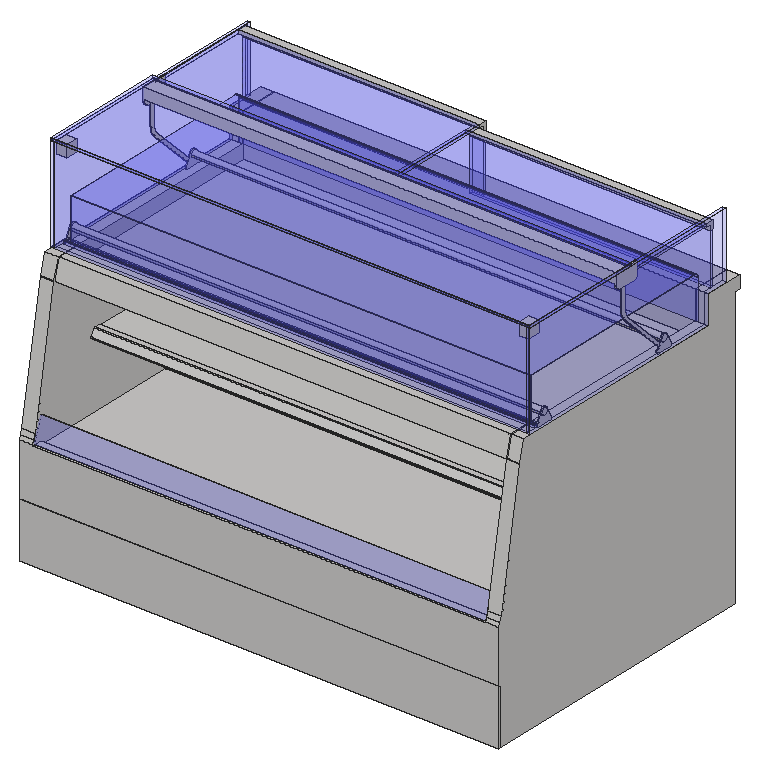
Revit family "Food-Service-Equipment_Oscartek_Gem_Combi-1500Rt_cat", category Specialty Equipment, Revit 2026 (continued)
Automatic sketch dimensions
  Split face 26 sketch curve to Extrusion 2 = 4.28595"
  Split face 26 sketch curve to Split face 26 sketch curve = 0"
  Split face 26 sketch curve to Split face 26 sketch curve = 0.05555"
  Split face 26 sketch curve to Split face 26 sketch curve = 0.09841"  (x2)
  Split face 26 sketch curve to Split face 26 sketch curve = 0.06735"  (x2)
  Split face 26 sketch curve to Split face 26 sketch curve = 0.33675"  (x2)
  Split face 26 sketch curve to Split face 26 sketch curve = 0.01365"
  Split face 26 sketch curve to Extrusion 2 = 5.94618"
  Split face 26 sketch curve to Split face 26 sketch curve = 0.05071"
  Split face 26 sketch curve to Split face 26 sketch curve = 0.4014"
  Split face 26 sketch curve to Split face 26 sketch curve = 0.8706"
  Split face 26 sketch curve to Split face 26 sketch curve = 0.38203"
  Split face 26 sketch curve to Split face 26 sketch curve = 0.01937"
  Split face 27 sketch curve to Extrusion 2 = 3.28595"
  Split face 27 sketch curve to Split face 27 sketch curve = 0"
  Split face 27 sketch curve to Split face 27 sketch curve = 0.05555"
  Split face 27 sketch curve to Split face 27 sketch curve = 0.09841"  (x2)
  Split face 27 sketch curve to Split face 27 sketch curve = 0.06735"  (x2)
  Split face 27 sketch curve to Split face 27 sketch curve = 0.33675"  (x2)
  Split face 27 sketch curve to Split face 27 sketch curve = 0.01365"
  Split face 27 sketch curve to Extrusion 2 = 5.94618"
  Split face 27 sketch curve to Split face 27 sketch curve = 0.05071"
  Split face 27 sketch curve to Split face 27 sketch curve = 0.4014"
  Split face 27 sketch curve to Split face 27 sketch curve = 0.8706"
  Split face 27 sketch curve to Split face 27 sketch curve = 0.38203"
  Split face 27 sketch curve to Split face 27 sketch curve = 0.01937"
  Split face 28 sketch curve to Extrusion 2 = 2.28595"
  Split face 28 sketch curve to Split face 28 sketch curve = 0"
  Split face 28 sketch curve to Split face 28 sketch curve = 0.05555"
  Split face 28 sketch curve to Split face 28 sketch curve = 0.09841"  (x2)
  Split face 28 sketch curve to Split face 28 sketch curve = 0.06735"  (x2)
  Split face 28 sketch curve to Split face 28 sketch curve = 0.33675"  (x2)
  Split face 28 sketch curve to Split face 28 sketch curve = 0.01365"
  Split face 28 sketch curve to Extrusion 2 = 5.94618"
  Split face 28 sketch curve to Split face 28 sketch curve = 0.05071"
  Split face 28 sketch curve to Split face 28 sketch curve = 0.4014"
  Split face 28 sketch curve to Split face 28 sketch curve = 0.8706"
  Split face 28 sketch curve to Split face 28 sketch curve = 0.38203"
  Split face 28 sketch curve to Split face 28 sketch curve = 0.01937"
  Split face 29 sketch curve to Extrusion 2 = 1.28595"
  Split face 29 sketch curve to Split face 29 sketch curve = 0"
  Split face 29 sketch curve to Split face 29 sketch curve = 0.05555"
  Split face 29 sketch curve to Split face 29 sketch curve = 0.09841"  (x2)
  Split face 29 sketch curve to Split face 29 sketch curve = 0.06735"  (x2)
  Split face 29 sketch curve to Split face 29 sketch curve = 0.33675"  (x2)
  Split face 29 sketch curve to Split face 29 sketch curve = 0.01365"
  Split face 29 sketch curve to Extrusion 2 = 5.94618"
  Split face 29 sketch curve to Split face 29 sketch curve = 0.05071"
  Split face 29 sketch curve to Split face 29 sketch curve = 0.4014"
  Split face 29 sketch curve to Split face 29 sketch curve = 0.8706"
  Split face 29 sketch curve to Split face 29 sketch curve = 0.38203"
  Split face 29 sketch curve to Split face 29 sketch curve = 0.01937"
  Split face 30 sketch curve to Extrusion 2 = 0.28595"  (x2)
  Split face 30 sketch curve to Extrusion 2 = 0.3415"
  Split face 30 sketch curve to Split face 30 sketch curve = 0.09841"  (x2)
  Split face 30 sketch curve to Split face 30 sketch curve = 0.06735"  (x2)
  Split face 30 sketch curve to Split face 30 sketch curve = 0.33675"  (x2)
  Split face 30 sketch curve to Split face 30 sketch curve = 0.01365"
  Split face 30 sketch curve to Extrusion 2 = 5.94618"
  Split face 30 sketch curve to Split face 30 sketch curve = 0.05071"
  Split face 30 sketch curve to Split face 30 sketch curve = 0.4014"
  Split face 30 sketch curve to Split face 30 sketch curve = 0.8706"
  Split face 30 sketch curve to Split face 30 sketch curve = 0.38203"
  Split face 30 sketch curve to Split face 30 sketch curve = 0.01937"
  Extrusion 2 to Split face 31 sketch curve = 0"
  Split face 31 sketch curve to Extrusion 2 = 0"
  Extrusion 2 to Split face 31 sketch curve = 7.6333"
  Extrusion 30 sketch curve to plane 16 = 0.3997"
  Extrusion 30 sketch curve to plane 5 "FRONT" = 6.65648"
  Extrusion 30 sketch curve to Extrusion 30 sketch curve = 1 1/2"  (x2)
  Extrusion 31 sketch curve to plane 16 = 1.8997"
  Extrusion 31 sketch curve to plane 5 "FRONT" = 5.15648"
  Extrusion 31 sketch curve to Extrusion 31 sketch curve = 1 1/2"
  Extrusion 31 sketch curve to plane 16 = 0.3997"
  Extrusion 32 sketch curve to plane 16 = 0.3997"
  plane 8 "Center X" to Extrusion 32 sketch curve = 0.04489"
  Extrusion 32 sketch curve to Extrusion 32 sketch curve = 1.57094"
  Extrusion 32 sketch curve to Extrusion 32 sketch curve = 1.58275"
  Extrusion 32 sketch curve to Extrusion 32 sketch curve = 0.47244"
  Extrusion 32 sketch curve to Extrusion 32 sketch curve = 2.0846"
  Extrusion 33 sketch curve to plane 3 "LEFT" = 0"
  plane 4 "RIGHT" to Extrusion 33 sketch curve = 0"
  Extrusion 33 sketch curve to plane 12 = 0"
  level to Extrusion 33 sketch curve = 1/2"
  Split face 32 sketch curve to Extrusion 2 = 1.99513"
  Extrusion 2 to Split face 32 sketch curve = 10.84734"
  Split face 32 sketch curve to Split face 32 sketch curve = 0"
  Split face 32 sketch curve to Split face 32 sketch curve = 0.05555"
  Split face 32 sketch curve to Split face 32 sketch curve = 0.09841"  (x2)
  Split face 32 sketch curve to Extrusion 2 = 1.49689"
  Split face 32 sketch curve to Split face 32 sketch curve = 0.06735"  (x2)
  Split face 32 sketch curve to Extrusion 2 = 3.36397"
  Split face 32 sketch curve to Extrusion 2 = 1.89829"
  Split face 32 sketch curve to Split face 32 sketch curve = 0.33675"
  Split face 32 sketch curve to Extrusion 2 = 2.96257"
  Split face 32 sketch curve to Split face 32 sketch curve = 0.01365"
  Split face 32 sketch curve to Split face 32 sketch curve = 0.05071"
  Split face 32 sketch curve to Split face 32 sketch curve = 0.01937"
  Split face 33 sketch curve to Extrusion 2 = 1.99513"
  Extrusion 2 to Split face 33 sketch curve = 11.84734"
  Split face 33 sketch curve to Split face 33 sketch curve = 0"
  Split face 33 sketch curve to Split face 33 sketch curve = 0.05555"
  Split face 33 sketch curve to Split face 33 sketch curve = 0.09841"  (x2)
  Split face 33 sketch curve to Extrusion 2 = 1.49689"
  Split face 33 sketch curve to Split face 33 sketch curve = 0.06735"  (x2)
  Split face 33 sketch curve to Extrusion 2 = 3.36397"
  Split face 33 sketch curve to Extrusion 2 = 1.89829"
  Split face 33 sketch curve to Split face 33 sketch curve = 0.33675"
  Split face 33 sketch curve to Extrusion 2 = 2.96257"
  Split face 33 sketch curve to Split face 33 sketch curve = 0.01365"
  Split face 33 sketch curve to Split face 33 sketch curve = 0.05071"
  Split face 33 sketch curve to Split face 33 sketch curve = 0.01937"
  Split face 34 sketch curve to Extrusion 2 = 1.99513"
  Extrusion 2 to Split face 34 sketch curve = 12.84734"
  Split face 34 sketch curve to Split face 34 sketch curve = 0"
  Split face 34 sketch curve to Split face 34 sketch curve = 0.05555"
  Split face 34 sketch curve to Split face 34 sketch curve = 0.09841"  (x2)
  Split face 34 sketch curve to Extrusion 2 = 1.49689"
  Split face 34 sketch curve to Split face 34 sketch curve = 0.06735"  (x2)
  Split face 34 sketch curve to Extrusion 2 = 3.36397"
  Split face 34 sketch curve to Extrusion 2 = 1.89829"
  Split face 34 sketch curve to Split face 34 sketch curve = 0.33675"
  Split face 34 sketch curve to Extrusion 2 = 2.96257"
  Split face 34 sketch curve to Split face 34 sketch curve = 0.01365"
  Split face 34 sketch curve to Split face 34 sketch curve = 0.05071"
  Split face 34 sketch curve to Split face 34 sketch curve = 0.01937"
  Split face 35 sketch curve to Extrusion 2 = 1.99513"
  Extrusion 2 to Split face 35 sketch curve = 13.84734"
  Split face 35 sketch curve to Split face 35 sketch curve = 0"
  Split face 35 sketch curve to Split face 35 sketch curve = 0.05555"
  Split face 35 sketch curve to Split face 35 sketch curve = 0.09841"  (x2)
  Split face 35 sketch curve to Extrusion 2 = 1.49689"
  Split face 35 sketch curve to Split face 35 sketch curve = 0.06735"  (x2)
  Split face 35 sketch curve to Extrusion 2 = 3.36397"
  Split face 35 sketch curve to Extrusion 2 = 1.89829"
  Split face 35 sketch curve to Split face 35 sketch curve = 0.33675"
  Split face 35 sketch curve to Extrusion 2 = 2.96257"
  Split face 35 sketch curve to Split face 35 sketch curve = 0.01365"
  Split face 35 sketch curve to Split face 35 sketch curve = 0.05071"
  Split face 35 sketch curve to Split face 35 sketch curve = 0.01937"
  Split face 36 sketch curve to Extrusion 2 = 1.99513"
  Split face 36 sketch curve to Extrusion 2 = 14.28595"
  Split face 36 sketch curve to Split face 36 sketch curve = 0"
  Split face 36 sketch curve to Split face 36 sketch curve = 0.05555"
  Split face 36 sketch curve to Split face 36 sketch curve = 0.09841"  (x2)
  Split face 36 sketch curve to Extrusion 2 = 1.49689"
  Split face 36 sketch curve to Split face 36 sketch curve = 0.06735"  (x2)
  Split face 36 sketch curve to Extrusion 2 = 3.36397"
  Split face 36 sketch curve to Extrusion 2 = 1.89829"
  Split face 36 sketch curve to Split face 36 sketch curve = 0.33675"
  Split face 36 sketch curve to Extrusion 2 = 2.96257"
  Split face 36 sketch curve to Split face 36 sketch curve = 0.01365"
  Split face 36 sketch curve to Split face 36 sketch curve = 0.05071"
  Split face 36 sketch curve to Split face 36 sketch curve = 0.01937"
  Split face 37 sketch curve to Extrusion 2 = 1.99513"
  Split face 37 sketch curve to Extrusion 2 = 13.28595"
  Split face 37 sketch curve to Split face 37 sketch curve = 0"
  Split face 37 sketch curve to Split face 37 sketch curve = 0.05555"
  Split face 37 sketch curve to Split face 37 sketch curve = 0.09841"  (x2)
  Split face 37 sketch curve to Extrusion 2 = 1.49689"
  Split face 37 sketch curve to Split face 37 sketch curve = 0.06735"  (x2)
  Split face 37 sketch curve to Extrusion 2 = 3.36397"
  Split face 37 sketch curve to Extrusion 2 = 1.89829"
  Split face 37 sketch curve to Split face 37 sketch curve = 0.33675"
  Split face 37 sketch curve to Extrusion 2 = 2.96257"
  Split face 37 sketch curve to Split face 37 sketch curve = 0.01365"
  Split face 37 sketch curve to Split face 37 sketch curve = 0.05071"
  Split face 37 sketch curve to Split face 37 sketch curve = 0.01937"
  Split face 38 sketch curve to Extrusion 2 = 1.99513"
  Split face 38 sketch curve to Extrusion 2 = 12.28595"
  Split face 38 sketch curve to Split face 38 sketch curve = 0"
  Split face 38 sketch curve to Split face 38 sketch curve = 0.05555"
  Split face 38 sketch curve to Split face 38 sketch curve = 0.09841"  (x2)
  Split face 38 sketch curve to Extrusion 2 = 1.49689"
  Split face 38 sketch curve to Split face 38 sketch curve = 0.06735"  (x2)
  Split face 38 sketch curve to Extrusion 2 = 3.36397"
  Split face 38 sketch curve to Extrusion 2 = 1.89829"
  Split face 38 sketch curve to Split face 38 sketch curve = 0.33675"
  Split face 38 sketch curve to Extrusion 2 = 2.96257"
  Split face 38 sketch curve to Split face 38 sketch curve = 0.01365"
  Split face 38 sketch curve to Split face 38 sketch curve = 0.05071"
  Split face 38 sketch curve to Split face 38 sketch curve = 0.01937"
  Split face 39 sketch curve to Extrusion 2 = 1.99513"
  Split face 39 sketch curve to Extrusion 2 = 11.28595"
  Split face 39 sketch curve to Split face 39 sketch curve = 0"
  Split face 39 sketch curve to Split face 39 sketch curve = 0.05555"
  Split face 39 sketch curve to Split face 39 sketch curve = 0.09841"  (x2)
  Split face 39 sketch curve to Extrusion 2 = 1.49689"
  Split face 39 sketch curve to Split face 39 sketch curve = 0.06735"  (x2)
  Split face 39 sketch curve to Extrusion 2 = 3.36397"
  Split face 39 sketch curve to Extrusion 2 = 1.89829"
  Split face 39 sketch curve to Split face 39 sketch curve = 0.33675"
  Split face 39 sketch curve to Extrusion 2 = 2.96257"
  Split face 39 sketch curve to Split face 39 sketch curve = 0.01365"
  Split face 39 sketch curve to Split face 39 sketch curve = 0.05071"
  Split face 39 sketch curve to Split face 39 sketch curve = 0.01937"
  Split face 40 sketch curve to Extrusion 2 = 1.99513"
  Split face 40 sketch curve to Extrusion 2 = 10.28595"
  Split face 40 sketch curve to Split face 40 sketch curve = 0"
  Split face 40 sketch curve to Split face 40 sketch curve = 0.05555"
  Split face 40 sketch curve to Split face 40 sketch curve = 0.09841"  (x2)
  Split face 40 sketch curve to Extrusion 2 = 1.49689"
  Split face 40 sketch curve to Split face 40 sketch curve = 0.06735"  (x2)
  Split face 40 sketch curve to Extrusion 2 = 3.36397"
  Split face 40 sketch curve to Extrusion 2 = 1.89829"
  Split face 40 sketch curve to Split face 40 sketch curve = 0.33675"
  Split face 40 sketch curve to Extrusion 2 = 2.96257"
  Split face 40 sketch curve to Split face 40 sketch curve = 0.01365"
  Split face 40 sketch curve to Split face 40 sketch curve = 0.05071"
  Split face 40 sketch curve to Split face 40 sketch curve = 0.01937"
  Split face 41 sketch curve to Extrusion 2 = 4.24513"
  Extrusion 2 to Split face 41 sketch curve = 10.84734"
  Split face 41 sketch curve to Split face 41 sketch curve = 0"
  Split face 41 sketch curve to Split face 41 sketch curve = 0.05555"
  Split face 41 sketch curve to Split face 41 sketch curve = 0.09841"  (x2)
  Split face 41 sketch curve to Extrusion 2 = 3.74689"
  Split face 41 sketch curve to Split face 41 sketch curve = 0.06735"  (x2)
  Split face 41 sketch curve to Extrusion 2 = 5.61397"
  Split face 41 sketch curve to Extrusion 2 = 4.14829"
  Split face 41 sketch curve to Split face 41 sketch curve = 0.33675"
  Split face 41 sketch curve to Extrusion 2 = 5.21257"
  Split face 41 sketch curve to Split face 41 sketch curve = 0.01365"
  Split face 41 sketch curve to Split face 41 sketch curve = 0.05071"
  Split face 41 sketch curve to Split face 41 sketch curve = 0.01937"
  Split face 42 sketch curve to Extrusion 2 = 4.24513"
  Extrusion 2 to Split face 42 sketch curve = 11.84734"
  Split face 42 sketch curve to Split face 42 sketch curve = 0"
  Split face 42 sketch curve to Split face 42 sketch curve = 0.05555"
  Split face 42 sketch curve to Split face 42 sketch curve = 0.09841"  (x2)
  Split face 42 sketch curve to Extrusion 2 = 3.74689"
  Split face 42 sketch curve to Split face 42 sketch curve = 0.06735"  (x2)
  Split face 42 sketch curve to Extrusion 2 = 5.61397"
  Split face 42 sketch curve to Extrusion 2 = 4.14829"
  Split face 42 sketch curve to Split face 42 sketch curve = 0.33675"
  Split face 42 sketch curve to Extrusion 2 = 5.21257"
  Split face 42 sketch curve to Split face 42 sketch curve = 0.01365"
  Split face 42 sketch curve to Split face 42 sketch curve = 0.05071"
  Split face 42 sketch curve to Split face 42 sketch curve = 0.01937"
  Split face 43 sketch curve to Extrusion 2 = 4.24513"
  Extrusion 2 to Split face 43 sketch curve = 12.84734"
  Split face 43 sketch curve to Split face 43 sketch curve = 0"
  Split face 43 sketch curve to Split face 43 sketch curve = 0.05555"
  Split face 43 sketch curve to Split face 43 sketch curve = 0.09841"  (x2)
  Split face 43 sketch curve to Extrusion 2 = 3.74689"
  Split face 43 sketch curve to Split face 43 sketch curve = 0.06735"  (x2)
  Split face 43 sketch curve to Extrusion 2 = 5.61397"
  Split face 43 sketch curve to Extrusion 2 = 4.14829"
  Split face 43 sketch curve to Split face 43 sketch curve = 0.33675"
  Split face 43 sketch curve to Extrusion 2 = 5.21257"
  Split face 43 sketch curve to Split face 43 sketch curve = 0.01365"
  Split face 43 sketch curve to Split face 43 sketch curve = 0.05071"
  Split face 43 sketch curve to Split face 43 sketch curve = 0.01937"
  Split face 44 sketch curve to Extrusion 2 = 4.24513"
  Extrusion 2 to Split face 44 sketch curve = 13.84734"
  Split face 44 sketch curve to Split face 44 sketch curve = 0"
  Split face 44 sketch curve to Split face 44 sketch curve = 0.05555"
  Split face 44 sketch curve to Split face 44 sketch curve = 0.09841"  (x2)
  Split face 44 sketch curve to Extrusion 2 = 3.74689"
  Split face 44 sketch curve to Split face 44 sketch curve = 0.06735"  (x2)
  Split face 44 sketch curve to Extrusion 2 = 5.61397"
  Split face 44 sketch curve to Extrusion 2 = 4.14829"
  Split face 44 sketch curve to Split face 44 sketch curve = 0.33675"
  Split face 44 sketch curve to Extrusion 2 = 5.21257"
  Split face 44 sketch curve to Split face 44 sketch curve = 0.01365"
  Split face 44 sketch curve to Split face 44 sketch curve = 0.05071"
  Split face 44 sketch curve to Split face 44 sketch curve = 0.01937"
  Split face 45 sketch curve to Extrusion 2 = 4.24513"
  Split face 45 sketch curve to Extrusion 2 = 14.28595"
  Split face 45 sketch curve to Split face 45 sketch curve = 0"
  Split face 45 sketch curve to Split face 45 sketch curve = 0.05555"
  Split face 45 sketch curve to Split face 45 sketch curve = 0.09841"  (x2)
  Split face 45 sketch curve to Extrusion 2 = 3.74689"
  Split face 45 sketch curve to Split face 45 sketch curve = 0.06735"  (x2)
  Split face 45 sketch curve to Extrusion 2 = 5.61397"
  Split face 45 sketch curve to Extrusion 2 = 4.14829"
  Split face 45 sketch curve to Split face 45 sketch curve = 0.33675"
  Split face 45 sketch curve to Extrusion 2 = 5.21257"
  Split face 45 sketch curve to Split face 45 sketch curve = 0.01365"
  Split face 45 sketch curve to Split face 45 sketch curve = 0.05071"
  Split face 45 sketch curve to Split face 45 sketch curve = 0.01937"
  Split face 46 sketch curve to Extrusion 2 = 4.24513"
  Split face 46 sketch curve to Extrusion 2 = 13.28595"
  Split face 46 sketch curve to Split face 46 sketch curve = 0"
  Split face 46 sketch curve to Split face 46 sketch curve = 0.05555"
  Split face 46 sketch curve to Split face 46 sketch curve = 0.09841"  (x2)
  Split face 46 sketch curve to Extrusion 2 = 3.74689"
  Split face 46 sketch curve to Split face 46 sketch curve = 0.06735"  (x2)
  Split face 46 sketch curve to Extrusion 2 = 5.61397"
  Split face 46 sketch curve to Extrusion 2 = 4.14829"
  Split face 46 sketch curve to Split face 46 sketch curve = 0.33675"
  Split face 46 sketch curve to Extrusion 2 = 5.21257"
  Split face 46 sketch curve to Split face 46 sketch curve = 0.01365"
  Split face 46 sketch curve to Split face 46 sketch curve = 0.05071"
  Split face 46 sketch curve to Split face 46 sketch curve = 0.01937"
  Split face 47 sketch curve to Extrusion 2 = 4.24513"
  Split face 47 sketch curve to Extrusion 2 = 12.28595"
  Split face 47 sketch curve to Split face 47 sketch curve = 0"
  Split face 47 sketch curve to Split face 47 sketch curve = 0.05555"
  Split face 47 sketch curve to Split face 47 sketch curve = 0.09841"  (x2)
  Split face 47 sketch curve to Extrusion 2 = 3.74689"
  Split face 47 sketch curve to Split face 47 sketch curve = 0.06735"  (x2)
  Split face 47 sketch curve to Extrusion 2 = 5.61397"
  Split face 47 sketch curve to Extrusion 2 = 4.14829"
  Split face 47 sketch curve to Split face 47 sketch curve = 0.33675"
  Split face 47 sketch curve to Extrusion 2 = 5.21257"
  Split face 47 sketch curve to Split face 47 sketch curve = 0.01365"
  Split face 47 sketch curve to Split face 47 sketch curve = 0.05071"
  Split face 47 sketch curve to Split face 47 sketch curve = 0.01937"
  Split face 48 sketch curve to Extrusion 2 = 4.24513"
  Split face 48 sketch curve to Extrusion 2 = 11.28595"
  Split face 48 sketch curve to Split face 48 sketch curve = 0"
  Split face 48 sketch curve to Split face 48 sketch curve = 0.05555"
  Split face 48 sketch curve to Split face 48 sketch curve = 0.09841"  (x2)
  Split face 48 sketch curve to Extrusion 2 = 3.74689"
  Split face 48 sketch curve to Split face 48 sketch curve = 0.06735"  (x2)
  Split face 48 sketch curve to Extrusion 2 = 5.61397"
  Split face 48 sketch curve to Extrusion 2 = 4.14829"
  Split face 48 sketch curve to Split face 48 sketch curve = 0.33675"
  Split face 48 sketch curve to Extrusion 2 = 5.21257"
  Split face 48 sketch curve to Split face 48 sketch curve = 0.01365"
  Split face 48 sketch curve to Split face 48 sketch curve = 0.05071"
  Split face 48 sketch curve to Split face 48 sketch curve = 0.01937"
  Split face 49 sketch curve to Extrusion 2 = 4.24513"
  Split face 49 sketch curve to Extrusion 2 = 10.28595"
  Split face 49 sketch curve to Split face 49 sketch curve = 0"
  Split face 49 sketch curve to Split face 49 sketch curve = 0.05555"
  Split face 49 sketch curve to Split face 49 sketch curve = 0.09841"  (x2)
  Split face 49 sketch curve to Extrusion 2 = 3.74689"
  Split face 49 sketch curve to Split face 49 sketch curve = 0.06735"  (x2)
  Split face 49 sketch curve to Extrusion 2 = 5.61397"
  Split face 49 sketch curve to Extrusion 2 = 4.14829"
  Split face 49 sketch curve to Split face 49 sketch curve = 0.33675"
  Split face 49 sketch curve to Extrusion 2 = 5.21257"
  Split face 49 sketch curve to Split face 49 sketch curve = 0.01365"
  Split face 49 sketch curve to Split face 49 sketch curve = 0.05071"
  Split face 49 sketch curve to Split face 49 sketch curve = 0.01937"
  Extrusion 2 to Split face 50 sketch curve = 10.84734"
  Split face 50 sketch curve to Split face 50 sketch curve = 0"
  Split face 50 sketch curve to Split face 50 sketch curve = 0.05555"
  Split face 50 sketch curve to Split face 50 sketch curve = 0.09841"  (x2)
  Split face 50 sketch curve to Split face 50 sketch curve = 0.06735"  (x2)
  Split face 50 sketch curve to Extrusion 2 = 7.86397"
  Split face 50 sketch curve to Extrusion 2 = 6.39829"
  Split face 50 sketch curve to Split face 50 sketch curve = 0.33675"  (x2)
  Split face 50 sketch curve to Extrusion 2 = 7.46257"
  Split face 50 sketch curve to Split face 50 sketch curve = 0.01365"
  Split face 50 sketch curve to Split face 50 sketch curve = 0.38203"
  Split face 50 sketch curve to Split face 50 sketch curve = 0.01937"  (x2)
  Extrusion 2 to Split face 51 sketch curve = 11.84734"
  Split face 51 sketch curve to Split face 51 sketch curve = 0"
  Split face 51 sketch curve to Split face 51 sketch curve = 0.05555"
  Split face 51 sketch curve to Split face 51 sketch curve = 0.09841"  (x2)
  Split face 51 sketch curve to Split face 51 sketch curve = 0.06735"  (x2)
  Split face 51 sketch curve to Extrusion 2 = 7.86397"
  Split face 51 sketch curve to Extrusion 2 = 6.39829"
  Split face 51 sketch curve to Split face 51 sketch curve = 0.33675"  (x2)
  Split face 51 sketch curve to Extrusion 2 = 7.46257"
  Split face 51 sketch curve to Split face 51 sketch curve = 0.01365"
  Split face 51 sketch curve to Split face 51 sketch curve = 0.38203"
  Split face 51 sketch curve to Split face 51 sketch curve = 0.01937"  (x2)
  Extrusion 2 to Split face 52 sketch curve = 12.84734"
  Split face 52 sketch curve to Split face 52 sketch curve = 0"
  Split face 52 sketch curve to Split face 52 sketch curve = 0.05555"
  Split face 52 sketch curve to Split face 52 sketch curve = 0.09841"  (x2)
  Split face 52 sketch curve to Extrusion 2 = 5.99689"
  Split face 52 sketch curve to Split face 52 sketch curve = 0.06735"  (x2)
  Split face 52 sketch curve to Extrusion 2 = 7.86397"
  Split face 52 sketch curve to Extrusion 2 = 6.39829"
  Split face 52 sketch curve to Split face 52 sketch curve = 0.33675"  (x2)
  Split face 52 sketch curve to Extrusion 2 = 7.46257"
  Split face 52 sketch curve to Split face 52 sketch curve = 0.01365"
  Split face 52 sketch curve to Split face 52 sketch curve = 0.05071"
  Split face 52 sketch curve to Split face 52 sketch curve = 0.01937"
  Split face 53 sketch curve to Extrusion 2 = 6.49513"
  Extrusion 2 to Split face 53 sketch curve = 13.84734"
  Split face 53 sketch curve to Split face 53 sketch curve = 0"
  Split face 53 sketch curve to Split face 53 sketch curve = 0.05555"
  Split face 53 sketch curve to Split face 53 sketch curve = 0.09841"  (x2)
  Split face 53 sketch curve to Extrusion 2 = 5.99689"
  Split face 53 sketch curve to Split face 53 sketch curve = 0.06735"  (x2)
  Split face 53 sketch curve to Extrusion 2 = 7.86397"
  Split face 53 sketch curve to Extrusion 2 = 6.39829"
  Split face 53 sketch curve to Split face 53 sketch curve = 0.33675"
  Split face 53 sketch curve to Extrusion 2 = 7.46257"
  Split face 53 sketch curve to Split face 53 sketch curve = 0.01365"
  Split face 53 sketch curve to Split face 53 sketch curve = 0.05071"
  Split face 53 sketch curve to Split face 53 sketch curve = 0.01937"
  Split face 54 sketch curve to Extrusion 2 = 6.49513"
  Split face 54 sketch curve to Extrusion 2 = 14.28595"
  Split face 54 sketch curve to Split face 54 sketch curve = 0"
  Split face 54 sketch curve to Split face 54 sketch curve = 0.05555"
  Split face 54 sketch curve to Split face 54 sketch curve = 0.09841"  (x2)
  Split face 54 sketch curve to Extrusion 2 = 5.99689"
  Split face 54 sketch curve to Split face 54 sketch curve = 0.06735"  (x2)
  Split face 54 sketch curve to Extrusion 2 = 7.86397"
  Split face 54 sketch curve to Extrusion 2 = 6.39829"
  Split face 54 sketch curve to Split face 54 sketch curve = 0.33675"
  Split face 54 sketch curve to Extrusion 2 = 7.46257"
  Split face 54 sketch curve to Split face 54 sketch curve = 0.01365"
  Split face 54 sketch curve to Split face 54 sketch curve = 0.05071"
  Split face 54 sketch curve to Split face 54 sketch curve = 0.01937"
  Split face 55 sketch curve to Extrusion 2 = 6.49513"
  Split face 55 sketch curve to Extrusion 2 = 13.28595"
  Split face 55 sketch curve to Split face 55 sketch curve = 0"
  Split face 55 sketch curve to Split face 55 sketch curve = 0.05555"
  Split face 55 sketch curve to Split face 55 sketch curve = 0.09841"  (x2)
  Split face 55 sketch curve to Extrusion 2 = 5.99689"
  Split face 55 sketch curve to Split face 55 sketch curve = 0.06735"  (x2)
  Split face 55 sketch curve to Extrusion 2 = 7.86397"
  Split face 55 sketch curve to Extrusion 2 = 6.39829"
  Split face 55 sketch curve to Split face 55 sketch curve = 0.33675"
  Split face 55 sketch curve to Extrusion 2 = 7.46257"
  Split face 55 sketch curve to Split face 55 sketch curve = 0.01365"
  Split face 55 sketch curve to Split face 55 sketch curve = 0.05071"
  Split face 55 sketch curve to Split face 55 sketch curve = 0.01937"
  Split face 56 sketch curve to Extrusion 2 = 12.28595"
  Split face 56 sketch curve to Split face 56 sketch curve = 0"
  Split face 56 sketch curve to Split face 56 sketch curve = 0.05555"
  Split face 56 sketch curve to Split face 56 sketch curve = 0.09841"  (x2)
  Split face 56 sketch curve to Extrusion 2 = 5.99689"
  Split face 56 sketch curve to Split face 56 sketch curve = 0.06735"  (x2)
  Split face 56 sketch curve to Extrusion 2 = 7.86397"
  Split face 56 sketch curve to Extrusion 2 = 6.39829"
  Split face 56 sketch curve to Split face 56 sketch curve = 0.33675"  (x2)
  Split face 56 sketch curve to Extrusion 2 = 7.46257"
  Split face 56 sketch curve to Split face 56 sketch curve = 0.01365"
  Split face 56 sketch curve to Split face 56 sketch curve = 0.05071"
  Split face 56 sketch curve to Split face 56 sketch curve = 0.01937"
  Split face 57 sketch curve to Extrusion 2 = 11.28595"
  Split face 57 sketch curve to Split face 57 sketch curve = 0"
  Split face 57 sketch curve to Split face 57 sketch curve = 0.05555"
  Split face 57 sketch curve to Split face 57 sketch curve = 0.09841"  (x2)
  Split face 57 sketch curve to Split face 57 sketch curve = 0.06735"  (x2)
  Split face 57 sketch curve to Extrusion 2 = 7.86397"
  Split face 57 sketch curve to Extrusion 2 = 6.39829"
  Split face 57 sketch curve to Split face 57 sketch curve = 0.33675"  (x2)
  Split face 57 sketch curve to Extrusion 2 = 7.46257"
  Split face 57 sketch curve to Split face 57 sketch curve = 0.01365"
  Split face 57 sketch curve to Split face 57 sketch curve = 0.38203"
  Split face 57 sketch curve to Split face 57 sketch curve = 0.01937"  (x2)
  Split face 58 sketch curve to Extrusion 2 = 10.28595"
  Split face 58 sketch curve to Split face 58 sketch curve = 0"
  Split face 58 sketch curve to Split face 58 sketch curve = 0.05555"
  Split face 58 sketch curve to Split face 58 sketch curve = 0.09841"  (x2)
  Split face 58 sketch curve to Split face 58 sketch curve = 0.06735"  (x2)
  Split face 58 sketch curve to Extrusion 2 = 7.86397"
  Split face 58 sketch curve to Extrusion 2 = 6.39829"
  Split face 58 sketch curve to Split face 58 sketch curve = 0.33675"  (x2)
  Split face 58 sketch curve to Extrusion 2 = 7.46257"
  Split face 58 sketch curve to Split face 58 sketch curve = 0.01365"
  Split face 58 sketch curve to Split face 58 sketch curve = 0.38203"
  Split face 58 sketch curve to Split face 58 sketch curve = 0.01937"  (x2)
  Split face 59 sketch curve to Extrusion 2 = 1.99513"
  Extrusion 2 to Split face 59 sketch curve = 9.84734"
  Split face 59 sketch curve to Split face 59 sketch curve = 0"
  Split face 59 sketch curve to Split face 59 sketch curve = 0.05555"
  Split face 59 sketch curve to Split face 59 sketch curve = 0.09841"  (x2)
  Split face 59 sketch curve to Extrusion 2 = 1.49689"
  Split face 59 sketch curve to Split face 59 sketch curve = 0.06735"  (x2)
  Split face 59 sketch curve to Extrusion 2 = 3.36397"
  Split face 59 sketch curve to Extrusion 2 = 1.89829"
  Split face 59 sketch curve to Split face 59 sketch curve = 0.33675"
  Split face 59 sketch curve to Extrusion 2 = 2.96257"
  Split face 59 sketch curve to Split face 59 sketch curve = 0.01365"
  Split face 59 sketch curve to Split face 59 sketch curve = 0.05071"
  Split face 59 sketch curve to Split face 59 sketch curve = 0.01937"
  Split face 60 sketch curve to Extrusion 2 = 4.24513"
  Extrusion 2 to Split face 60 sketch curve = 9.84734"
  Split face 60 sketch curve to Split face 60 sketch curve = 0"
  Split face 60 sketch curve to Split face 60 sketch curve = 0.05555"
  Split face 60 sketch curve to Split face 60 sketch curve = 0.09841"  (x2)
  Split face 60 sketch curve to Extrusion 2 = 3.74689"
  Split face 60 sketch curve to Split face 60 sketch curve = 0.06735"  (x2)
  Split face 60 sketch curve to Extrusion 2 = 5.61397"
  Split face 60 sketch curve to Extrusion 2 = 4.14829"
  Split face 60 sketch curve to Split face 60 sketch curve = 0.33675"
  Split face 60 sketch curve to Extrusion 2 = 5.21257"
  Split face 60 sketch curve to Split face 60 sketch curve = 0.01365"
  Split face 60 sketch curve to Split face 60 sketch curve = 0.05071"
  Split face 60 sketch curve to Split face 60 sketch curve = 0.01937"
  Extrusion 2 to Split face 61 sketch curve = 9.84734"
  Split face 61 sketch curve to Split face 61 sketch curve = 0"
  Split face 61 sketch curve to Split face 61 sketch curve = 0.05555"
  Split face 61 sketch curve to Split face 61 sketch curve = 0.09841"  (x2)
  Split face 61 sketch curve to Split face 61 sketch curve = 0.06735"  (x2)
  Split face 61 sketch curve to Extrusion 2 = 7.86397"
  Split face 61 sketch curve to Split face 61 sketch curve = 0.33675"  (x2)
  Split face 61 sketch curve to Extrusion 2 = 7.46257"
  Split face 61 sketch curve to Split face 61 sketch curve = 0.01365"
  Split face 61 sketch curve to Split face 61 sketch curve = 0.8706"
  Split face 61 sketch curve to Split face 61 sketch curve = 0.38203"
  Split face 61 sketch curve to Split face 61 sketch curve = 0.01937"  (x2)
  Split face 62 sketch curve to Extrusion 2 = 9.28595"
  Split face 62 sketch curve to Split face 62 sketch curve = 0"
  Split face 62 sketch curve to Split face 62 sketch curve = 0.05555"
  Split face 62 sketch curve to Split face 62 sketch curve = 0.09841"  (x2)
  Split face 62 sketch curve to Split face 62 sketch curve = 0.06735"  (x2)
  Split face 62 sketch curve to Split face 62 sketch curve = 0.33675"  (x2)
  Split face 62 sketch curve to Split face 62 sketch curve = 0.01365"
  Split face 62 sketch curve to Extrusion 2 = 12.52922"
  Split face 62 sketch curve to Split face 62 sketch curve = 0.05071"
  Split face 62 sketch curve to Split face 62 sketch curve = 0.4014"
  Split face 62 sketch curve to Split face 62 sketch curve = 0.8706"
  Split face 62 sketch curve to Split face 62 sketch curve = 0.38203"
  Split face 62 sketch curve to Split face 62 sketch curve = 0.01937"
  Split face 63 sketch curve to Extrusion 2 = 8.28595"
  Split face 63 sketch curve to Split face 63 sketch curve = 0"
  Split face 63 sketch curve to Split face 63 sketch curve = 0.05555"
  Split face 63 sketch curve to Split face 63 sketch curve = 0.09841"  (x2)
  Split face 63 sketch curve to Split face 63 sketch curve = 0.06735"  (x2)
  Split face 63 sketch curve to Split face 63 sketch curve = 0.33675"  (x2)
  Split face 63 sketch curve to Split face 63 sketch curve = 0.01365"
  Split face 63 sketch curve to Extrusion 2 = 12.52922"
  Split face 63 sketch curve to Split face 63 sketch curve = 0.05071"
  Split face 63 sketch curve to Split face 63 sketch curve = 0.4014"
  Split face 63 sketch curve to Split face 63 sketch curve = 0.8706"
  Split face 63 sketch curve to Split face 63 sketch curve = 0.38203"
  Split face 63 sketch curve to Split face 63 sketch curve = 0.01937"
  Split face 64 sketch curve to Extrusion 2 = 7.28595"
  Split face 64 sketch curve to Split face 64 sketch curve = 0"
  Split face 64 sketch curve to Split face 64 sketch curve = 0.05555"
  Split face 64 sketch curve to Split face 64 sketch curve = 0.09841"  (x2)
  Split face 64 sketch curve to Split face 64 sketch curve = 0.06735"  (x2)
  Split face 64 sketch curve to Split face 64 sketch curve = 0.33675"  (x2)
  Split face 64 sketch curve to Split face 64 sketch curve = 0.01365"
  Split face 64 sketch curve to Extrusion 2 = 12.52922"
  Split face 64 sketch curve to Split face 64 sketch curve = 0.05071"
  Split face 64 sketch curve to Split face 64 sketch curve = 0.4014"
  Split face 64 sketch curve to Split face 64 sketch curve = 0.8706"
  Split face 64 sketch curve to Split face 64 sketch curve = 0.38203"
  Split face 64 sketch curve to Split face 64 sketch curve = 0.01937"
  Split face 65 sketch curve to Extrusion 2 = 6.28595"
  Split face 65 sketch curve to Split face 65 sketch curve = 0"
  Split face 65 sketch curve to Split face 65 sketch curve = 0.05555"
  Split face 65 sketch curve to Split face 65 sketch curve = 0.09841"  (x2)
  Split face 65 sketch curve to Split face 65 sketch curve = 0.06735"  (x2)
  Split face 65 sketch curve to Split face 65 sketch curve = 0.33675"  (x2)
  Split face 65 sketch curve to Split face 65 sketch curve = 0.01365"
  Split face 65 sketch curve to Extrusion 2 = 12.52922"
  Split face 65 sketch curve to Split face 65 sketch curve = 0.05071"
  Split face 65 sketch curve to Split face 65 sketch curve = 0.4014"
  Split face 65 sketch curve to Split face 65 sketch curve = 0.8706"
  Split face 65 sketch curve to Split face 65 sketch curve = 0.38203"
  Split face 65 sketch curve to Split face 65 sketch curve = 0.01937"
  Split face 66 sketch curve to Extrusion 2 = 5.28595"
  Split face 66 sketch curve to Split face 66 sketch curve = 0"
  Split face 66 sketch curve to Split face 66 sketch curve = 0.05555"
  Split face 66 sketch curve to Split face 66 sketch curve = 0.09841"  (x2)
  Split face 66 sketch curve to Split face 66 sketch curve = 0.06735"  (x2)
  Split face 66 sketch curve to Split face 66 sketch curve = 0.33675"  (x2)
  Split face 66 sketch curve to Split face 66 sketch curve = 0.01365"
  Split face 66 sketch curve to Extrusion 2 = 12.52922"
  Split face 66 sketch curve to Split face 66 sketch curve = 0.05071"
  Split face 66 sketch curve to Split face 66 sketch curve = 0.4014"
  Split face 66 sketch curve to Split face 66 sketch curve = 0.8706"
  Split face 66 sketch curve to Split face 66 sketch curve = 0.38203"
  Split face 66 sketch curve to Split face 66 sketch curve = 0.01937"
  Split face 67 sketch curve to Extrusion 2 = 4.28595"
  Split face 67 sketch curve to Split face 67 sketch curve = 0"
  Split face 67 sketch curve to Split face 67 sketch curve = 0.05555"
  Split face 67 sketch curve to Split face 67 sketch curve = 0.09841"  (x2)
  Split face 67 sketch curve to Split face 67 sketch curve = 0.06735"  (x2)
  Split face 67 sketch curve to Split face 67 sketch curve = 0.33675"  (x2)
  Split face 67 sketch curve to Split face 67 sketch curve = 0.01365"
  Split face 67 sketch curve to Extrusion 2 = 12.52922"
  Split face 67 sketch curve to Split face 67 sketch curve = 0.05071"
  Split face 67 sketch curve to Split face 67 sketch curve = 0.4014"
  Split face 67 sketch curve to Split face 67 sketch curve = 0.8706"
  Split face 67 sketch curve to Split face 67 sketch curve = 0.38203"
  Split face 67 sketch curve to Split face 67 sketch curve = 0.01937"
  Split face 68 sketch curve to Extrusion 2 = 3.28595"
  Split face 68 sketch curve to Split face 68 sketch curve = 0"
  Split face 68 sketch curve to Split face 68 sketch curve = 0.05555"
  Split face 68 sketch curve to Split face 68 sketch curve = 0.09841"  (x2)
  Split face 68 sketch curve to Split face 68 sketch curve = 0.06735"  (x2)
  Split face 68 sketch curve to Split face 68 sketch curve = 0.33675"  (x2)
  Split face 68 sketch curve to Split face 68 sketch curve = 0.01365"
  Split face 68 sketch curve to Extrusion 2 = 12.52922"
  Split face 68 sketch curve to Split face 68 sketch curve = 0.05071"
  Split face 68 sketch curve to Split face 68 sketch curve = 0.4014"
  Split face 68 sketch curve to Split face 68 sketch curve = 0.8706"
  Split face 68 sketch curve to Split face 68 sketch curve = 0.38203"
  Split face 68 sketch curve to Split face 68 sketch curve = 0.01937"
  Split face 69 sketch curve to Extrusion 2 = 2.28595"
  Split face 69 sketch curve to Split face 69 sketch curve = 0"
  Split face 69 sketch curve to Split face 69 sketch curve = 0.05555"
  Split face 69 sketch curve to Split face 69 sketch curve = 0.09841"  (x2)
  Split face 69 sketch curve to Split face 69 sketch curve = 0.06735"  (x2)
  Split face 69 sketch curve to Split face 69 sketch curve = 0.33675"  (x2)
  Split face 69 sketch curve to Split face 69 sketch curve = 0.01365"
  Split face 69 sketch curve to Extrusion 2 = 12.52922"
  Split face 69 sketch curve to Split face 69 sketch curve = 0.05071"
  Split face 69 sketch curve to Split face 69 sketch curve = 0.4014"
  Split face 69 sketch curve to Split face 69 sketch curve = 0.8706"
  Split face 69 sketch curve to Split face 69 sketch curve = 0.38203"
  Split face 69 sketch curve to Split face 69 sketch curve = 0.01937"
  Split face 70 sketch curve to Extrusion 2 = 1.28595"
  Split face 70 sketch curve to Split face 70 sketch curve = 0"
  Split face 70 sketch curve to Split face 70 sketch curve = 0.05555"
  Split face 70 sketch curve to Split face 70 sketch curve = 0.09841"  (x2)
  Split face 70 sketch curve to Split face 70 sketch curve = 0.06735"  (x2)
  Split face 70 sketch curve to Split face 70 sketch curve = 0.33675"  (x2)
  Split face 70 sketch curve to Split face 70 sketch curve = 0.01365"
  Split face 70 sketch curve to Extrusion 2 = 12.52922"
  Split face 70 sketch curve to Split face 70 sketch curve = 0.05071"
  Split face 70 sketch curve to Split face 70 sketch curve = 0.4014"
  Split face 70 sketch curve to Split face 70 sketch curve = 0.8706"
  Split face 70 sketch curve to Split face 70 sketch curve = 0.38203"
  Split face 70 sketch curve to Split face 70 sketch curve = 0.01937"
  Split face 71 sketch curve to Extrusion 2 = 0.28595"  (x2)
  Split face 71 sketch curve to Extrusion 2 = 0.3415"
  Split face 71 sketch curve to Split face 71 sketch curve = 0.09841"  (x2)
  Split face 71 sketch curve to Split face 71 sketch curve = 0.06735"  (x2)
  Split face 71 sketch curve to Split face 71 sketch curve = 0.33675"  (x2)
  Split face 71 sketch curve to Split face 71 sketch curve = 0.01365"
  Split face 71 sketch curve to Extrusion 2 = 12.52922"
  Split face 71 sketch curve to Split face 71 sketch curve = 0.05071"
  Split face 71 sketch curve to Split face 71 sketch curve = 0.4014"
  Split face 71 sketch curve to Split face 71 sketch curve = 0.8706"
  Split face 71 sketch curve to Split face 71 sketch curve = 0.38203"
  Split face 71 sketch curve to Split face 71 sketch curve = 0.01937"
  Split face 72 sketch curve to Extrusion 2 = 9.28595"
  Split face 72 sketch curve to Split face 72 sketch curve = 0"
  Split face 72 sketch curve to Split face 72 sketch curve = 0.05555"
  Split face 72 sketch curve to Split face 72 sketch curve = 0.09841"  (x2)
  Split face 72 sketch curve to Split face 72 sketch curve = 0.06735"  (x2)
  Split face 72 sketch curve to Split face 72 sketch curve = 0.33675"  (x2)
  Split face 72 sketch curve to Split face 72 sketch curve = 0.01365"
  Split face 72 sketch curve to Extrusion 2 = 10.27922"
  Split face 72 sketch curve to Split face 72 sketch curve = 0.05071"
  Split face 72 sketch curve to Split face 72 sketch curve = 0.4014"
  Split face 72 sketch curve to Split face 72 sketch curve = 0.8706"
  Split face 72 sketch curve to Split face 72 sketch curve = 0.38203"
  Split face 72 sketch curve to Split face 72 sketch curve = 0.01937"
  Split face 73 sketch curve to Extrusion 2 = 8.28595"
  Split face 73 sketch curve to Split face 73 sketch curve = 0"
  Split face 73 sketch curve to Split face 73 sketch curve = 0.05555"
  Split face 73 sketch curve to Split face 73 sketch curve = 0.09841"  (x2)
  Split face 73 sketch curve to Split face 73 sketch curve = 0.06735"  (x2)
  Split face 73 sketch curve to Split face 73 sketch curve = 0.33675"  (x2)
  Split face 73 sketch curve to Split face 73 sketch curve = 0.01365"
  Split face 73 sketch curve to Extrusion 2 = 10.27922"
  Split face 73 sketch curve to Split face 73 sketch curve = 0.05071"
  Split face 73 sketch curve to Split face 73 sketch curve = 0.4014"
  Split face 73 sketch curve to Split face 73 sketch curve = 0.8706"
  Split face 73 sketch curve to Split face 73 sketch curve = 0.38203"
  Split face 73 sketch curve to Split face 73 sketch curve = 0.01937"
  Split face 74 sketch curve to Extrusion 2 = 7.28595"
  Split face 74 sketch curve to Split face 74 sketch curve = 0"
  Split face 74 sketch curve to Split face 74 sketch curve = 0.05555"
  Split face 74 sketch curve to Split face 74 sketch curve = 0.09841"  (x2)
  Split face 74 sketch curve to Split face 74 sketch curve = 0.06735"  (x2)
  Split face 74 sketch curve to Split face 74 sketch curve = 0.33675"  (x2)
  Split face 74 sketch curve to Split face 74 sketch curve = 0.01365"
  Split face 74 sketch curve to Extrusion 2 = 10.27922"
  Split face 74 sketch curve to Split face 74 sketch curve = 0.05071"
  Split face 74 sketch curve to Split face 74 sketch curve = 0.4014"
  Split face 74 sketch curve to Split face 74 sketch curve = 0.8706"
  Split face 74 sketch curve to Split face 74 sketch curve = 0.38203"
  Split face 74 sketch curve to Split face 74 sketch curve = 0.01937"
  Split face 75 sketch curve to Extrusion 2 = 6.28595"
  Split face 75 sketch curve to Split face 75 sketch curve = 0"
  Split face 75 sketch curve to Split face 75 sketch curve = 0.05555"
  Split face 75 sketch curve to Split face 75 sketch curve = 0.09841"  (x2)
  Split face 75 sketch curve to Split face 75 sketch curve = 0.06735"  (x2)
  Split face 75 sketch curve to Split face 75 sketch curve = 0.33675"  (x2)
  Split face 75 sketch curve to Split face 75 sketch curve = 0.01365"
  Split face 75 sketch curve to Extrusion 2 = 10.27922"
  Split face 75 sketch curve to Split face 75 sketch curve = 0.05071"
  Split face 75 sketch curve to Split face 75 sketch curve = 0.4014"
  Split face 75 sketch curve to Split face 75 sketch curve = 0.8706"
  Split face 75 sketch curve to Split face 75 sketch curve = 0.38203"
  Split face 75 sketch curve to Split face 75 sketch curve = 0.01937"
  Split face 76 sketch curve to Extrusion 2 = 5.28595"
  Split face 76 sketch curve to Split face 76 sketch curve = 0"
  Split face 76 sketch curve to Split face 76 sketch curve = 0.05555"
  Split face 76 sketch curve to Split face 76 sketch curve = 0.09841"  (x2)
  Split face 76 sketch curve to Split face 76 sketch curve = 0.06735"  (x2)
  Split face 76 sketch curve to Split face 76 sketch curve = 0.33675"  (x2)
  Split face 76 sketch curve to Split face 76 sketch curve = 0.01365"
  Split face 76 sketch curve to Extrusion 2 = 10.27922"
  Split face 76 sketch curve to Split face 76 sketch curve = 0.05071"
  Split face 76 sketch curve to Split face 76 sketch curve = 0.4014"
  Split face 76 sketch curve to Split face 76 sketch curve = 0.8706"
  Split face 76 sketch curve to Split face 76 sketch curve = 0.38203"
  Split face 76 sketch curve to Split face 76 sketch curve = 0.01937"
  Split face 77 sketch curve to Extrusion 2 = 4.28595"
  Split face 77 sketch curve to Split face 77 sketch curve = 0"
  Split face 77 sketch curve to Split face 77 sketch curve = 0.05555"
  Split face 77 sketch curve to Split face 77 sketch curve = 0.09841"  (x2)
  Split face 77 sketch curve to Split face 77 sketch curve = 0.06735"  (x2)
  Split face 77 sketch curve to Split face 77 sketch curve = 0.33675"  (x2)
  Split face 77 sketch curve to Split face 77 sketch curve = 0.01365"
  Split face 77 sketch curve to Extrusion 2 = 10.27922"
  Split face 77 sketch curve to Split face 77 sketch curve = 0.05071"
  Split face 77 sketch curve to Split face 77 sketch curve = 0.4014"
  Split face 77 sketch curve to Split face 77 sketch curve = 0.8706"
  Split face 77 sketch curve to Split face 77 sketch curve = 0.38203"
  Split face 77 sketch curve to Split face 77 sketch curve = 0.01937"
  Split face 78 sketch curve to Extrusion 2 = 3.28595"
  Split face 78 sketch curve to Split face 78 sketch curve = 0"
  Split face 78 sketch curve to Split face 78 sketch curve = 0.05555"
  Split face 78 sketch curve to Split face 78 sketch curve = 0.09841"  (x2)
  Split face 78 sketch curve to Split face 78 sketch curve = 0.06735"  (x2)
  Split face 78 sketch curve to Split face 78 sketch curve = 0.33675"  (x2)
  Split face 78 sketch curve to Split face 78 sketch curve = 0.01365"
  Split face 78 sketch curve to Extrusion 2 = 10.27922"
  Split face 78 sketch curve to Split face 78 sketch curve = 0.05071"
  Split face 78 sketch curve to Split face 78 sketch curve = 0.4014"
  Split face 78 sketch curve to Split face 78 sketch curve = 0.8706"
  Split face 78 sketch curve to Split face 78 sketch curve = 0.38203"
  Split face 78 sketch curve to Split face 78 sketch curve = 0.01937"
  Split face 79 sketch curve to Extrusion 2 = 2.28595"
  Split face 79 sketch curve to Split face 79 sketch curve = 0"
  Split face 79 sketch curve to Split face 79 sketch curve = 0.05555"
  Split face 79 sketch curve to Split face 79 sketch curve = 0.09841"  (x2)
  Split face 79 sketch curve to Split face 79 sketch curve = 0.06735"  (x2)
  Split face 79 sketch curve to Split face 79 sketch curve = 0.33675"  (x2)
  Split face 79 sketch curve to Split face 79 sketch curve = 0.01365"
  Split face 79 sketch curve to Extrusion 2 = 10.27922"
  Split face 79 sketch curve to Split face 79 sketch curve = 0.05071"
  Split face 79 sketch curve to Split face 79 sketch curve = 0.4014"
  Split face 79 sketch curve to Split face 79 sketch curve = 0.8706"
  Split face 79 sketch curve to Split face 79 sketch curve = 0.38203"
  Split face 79 sketch curve to Split face 79 sketch curve = 0.01937"
  Split face 80 sketch curve to Extrusion 2 = 1.28595"
  Split face 80 sketch curve to Split face 80 sketch curve = 0"
  Split face 80 sketch curve to Split face 80 sketch curve = 0.05555"
  Split face 80 sketch curve to Split face 80 sketch curve = 0.09841"  (x2)
  Split face 80 sketch curve to Split face 80 sketch curve = 0.06735"  (x2)
  Split face 80 sketch curve to Split face 80 sketch curve = 0.33675"  (x2)
  Split face 80 sketch curve to Split face 80 sketch curve = 0.01365"
  Split face 80 sketch curve to Extrusion 2 = 10.27922"
  Split face 80 sketch curve to Split face 80 sketch curve = 0.05071"
  Split face 80 sketch curve to Split face 80 sketch curve = 0.4014"
  Split face 80 sketch curve to Split face 80 sketch curve = 0.8706"
  Split face 80 sketch curve to Split face 80 sketch curve = 0.38203"
  Split face 80 sketch curve to Split face 80 sketch curve = 0.01937"
  Split face 81 sketch curve to Extrusion 2 = 0.28595"  (x2)
  Split face 81 sketch curve to Extrusion 2 = 0.3415"
  Split face 81 sketch curve to Split face 81 sketch curve = 0.09841"  (x2)
  Split face 81 sketch curve to Split face 81 sketch curve = 0.06735"  (x2)
  Split face 81 sketch curve to Split face 81 sketch curve = 0.33675"  (x2)
  Split face 81 sketch curve to Split face 81 sketch curve = 0.01365"
  Split face 81 sketch curve to Extrusion 2 = 10.27922"
  Split face 81 sketch curve to Split face 81 sketch curve = 0.05071"
  Split face 81 sketch curve to Split face 81 sketch curve = 0.4014"
  Split face 81 sketch curve to Split face 81 sketch curve = 0.8706"
  Split face 81 sketch curve to Split face 81 sketch curve = 0.38203"
  Split face 81 sketch curve to Split face 81 sketch curve = 0.01937"
  Split face 82 sketch curve to Extrusion 2 = 9.28595"
  Split face 82 sketch curve to Split face 82 sketch curve = 0"
  Split face 82 sketch curve to Split face 82 sketch curve = 0.05555"
  Split face 82 sketch curve to Split face 82 sketch curve = 0.09841"  (x2)
  Split face 82 sketch curve to Split face 82 sketch curve = 0.06735"  (x2)
  Split face 82 sketch curve to Extrusion 2 = 6.11143"
  Split face 82 sketch curve to Split face 82 sketch curve = 0.33675"  (x2)
  Split face 82 sketch curve to Extrusion 2 = 6.51283"
  Split face 82 sketch curve to Split face 82 sketch curve = 0.01365"
  Split face 82 sketch curve to Split face 82 sketch curve = 0.8706"
  Split face 82 sketch curve to Split face 82 sketch curve = 0.38203"
  Split face 82 sketch curve to Split face 82 sketch curve = 0.01937"  (x2)
  Split face 83 sketch curve to Extrusion 2 = 8.28595"
  Split face 83 sketch curve to Split face 83 sketch curve = 0"
  Split face 83 sketch curve to Split face 83 sketch curve = 0.05555"
  Split face 83 sketch curve to Split face 83 sketch curve = 0.09841"  (x2)
  Split face 83 sketch curve to Split face 83 sketch curve = 0.06735"  (x2)
  Split face 83 sketch curve to Extrusion 2 = 6.11143"
  Split face 83 sketch curve to Split face 83 sketch curve = 0.33675"  (x2)
  Split face 83 sketch curve to Extrusion 2 = 6.51283"
  Split face 83 sketch curve to Split face 83 sketch curve = 0.01365"
  Split face 83 sketch curve to Split face 83 sketch curve = 0.8706"
  Split face 83 sketch curve to Split face 83 sketch curve = 0.38203"
  Split face 83 sketch curve to Split face 83 sketch curve = 0.01937"  (x2)
  Split face 84 sketch curve to Extrusion 2 = 7.28595"
  Split face 84 sketch curve to Split face 84 sketch curve = 0"
  Split face 84 sketch curve to Split face 84 sketch curve = 0.05555"
  Split face 84 sketch curve to Split face 84 sketch curve = 0.09841"  (x2)
  Split face 84 sketch curve to Split face 84 sketch curve = 0.06735"  (x2)
  Split face 84 sketch curve to Extrusion 2 = 6.11143"
  Split face 84 sketch curve to Split face 84 sketch curve = 0.33675"  (x2)
  Split face 84 sketch curve to Extrusion 2 = 6.51283"
  Split face 84 sketch curve to Split face 84 sketch curve = 0.01365"
  Split face 84 sketch curve to Split face 84 sketch curve = 0.8706"
  Split face 84 sketch curve to Split face 84 sketch curve = 0.38203"
  Split face 84 sketch curve to Split face 84 sketch curve = 0.01937"  (x2)
  Split face 85 sketch curve to Extrusion 2 = 6.28595"
  Split face 85 sketch curve to Split face 85 sketch curve = 0"
  Split face 85 sketch curve to Split face 85 sketch curve = 0.05555"
  Split face 85 sketch curve to Split face 85 sketch curve = 0.09841"  (x2)
  Split face 85 sketch curve to Split face 85 sketch curve = 0.06735"  (x2)
  Split face 85 sketch curve to Split face 85 sketch curve = 0.33675"  (x2)
  Split face 85 sketch curve to Split face 85 sketch curve = 0.01365"
  Split face 85 sketch curve to Extrusion 2 = 8.02922"
  Split face 85 sketch curve to Split face 85 sketch curve = 0.05071"
  Split face 85 sketch curve to Split face 85 sketch curve = 0.4014"
  Split face 85 sketch curve to Split face 85 sketch curve = 0.8706"
  Split face 85 sketch curve to Split face 85 sketch curve = 0.38203"
  Split face 85 sketch curve to Split face 85 sketch curve = 0.01937"
  Split face 86 sketch curve to Extrusion 2 = 5.28595"
  Split face 86 sketch curve to Split face 86 sketch curve = 0"
  Split face 86 sketch curve to Split face 86 sketch curve = 0.05555"
  Split face 86 sketch curve to Split face 86 sketch curve = 0.09841"  (x2)
  Split face 86 sketch curve to Split face 86 sketch curve = 0.06735"  (x2)
  Split face 86 sketch curve to Split face 86 sketch curve = 0.33675"  (x2)
  Split face 86 sketch curve to Split face 86 sketch curve = 0.01365"
  Split face 86 sketch curve to Extrusion 2 = 8.02922"
  Split face 86 sketch curve to Split face 86 sketch curve = 0.05071"
  Split face 86 sketch curve to Split face 86 sketch curve = 0.4014"
  Split face 86 sketch curve to Split face 86 sketch curve = 0.8706"
  Split face 86 sketch curve to Split face 86 sketch curve = 0.38203"
  Split face 86 sketch curve to Split face 86 sketch curve = 0.01937"
  Split face 87 sketch curve to Extrusion 2 = 4.28595"
  Split face 87 sketch curve to Split face 87 sketch curve = 0"
  Split face 87 sketch curve to Split face 87 sketch curve = 0.05555"
  Split face 87 sketch curve to Split face 87 sketch curve = 0.09841"  (x2)
  Split face 87 sketch curve to Split face 87 sketch curve = 0.06735"  (x2)
  Split face 87 sketch curve to Split face 87 sketch curve = 0.33675"  (x2)
  Split face 87 sketch curve to Split face 87 sketch curve = 0.01365"
  Split face 87 sketch curve to Extrusion 2 = 8.02922"
  Split face 87 sketch curve to Split face 87 sketch curve = 0.05071"
  Split face 87 sketch curve to Split face 87 sketch curve = 0.4014"
  Split face 87 sketch curve to Split face 87 sketch curve = 0.8706"
  Split face 87 sketch curve to Split face 87 sketch curve = 0.38203"
  Split face 87 sketch curve to Split face 87 sketch curve = 0.01937"
  Split face 88 sketch curve to Extrusion 2 = 3.28595"
  Split face 88 sketch curve to Split face 88 sketch curve = 0"
  Split face 88 sketch curve to Split face 88 sketch curve = 0.05555"
  Split face 88 sketch curve to Split face 88 sketch curve = 0.09841"  (x2)
  Split face 88 sketch curve to Split face 88 sketch curve = 0.06735"  (x2)
  Split face 88 sketch curve to Split face 88 sketch curve = 0.33675"  (x2)
  Split face 88 sketch curve to Split face 88 sketch curve = 0.01365"
  Split face 88 sketch curve to Extrusion 2 = 8.02922"
  Split face 88 sketch curve to Split face 88 sketch curve = 0.05071"
  Split face 88 sketch curve to Split face 88 sketch curve = 0.4014"
  Split face 88 sketch curve to Split face 88 sketch curve = 0.8706"
  Split face 88 sketch curve to Split face 88 sketch curve = 0.38203"
  Split face 88 sketch curve to Split face 88 sketch curve = 0.01937"
  Split face 89 sketch curve to Extrusion 2 = 2.28595"
  Split face 89 sketch curve to Split face 89 sketch curve = 0"
  Split face 89 sketch curve to Split face 89 sketch curve = 0.05555"
  Split face 89 sketch curve to Split face 89 sketch curve = 0.09841"  (x2)
  Split face 89 sketch curve to Split face 89 sketch curve = 0.06735"  (x2)
  Split face 89 sketch curve to Split face 89 sketch curve = 0.33675"  (x2)
  Split face 89 sketch curve to Split face 89 sketch curve = 0.01365"
  Split face 89 sketch curve to Extrusion 2 = 8.02922"
  Split face 89 sketch curve to Split face 89 sketch curve = 0.05071"
  Split face 89 sketch curve to Split face 89 sketch curve = 0.4014"
  Split face 89 sketch curve to Split face 89 sketch curve = 0.8706"
  Split face 89 sketch curve to Split face 89 sketch curve = 0.38203"
  Split face 89 sketch curve to Split face 89 sketch curve = 0.01937"
  Split face 90 sketch curve to Extrusion 2 = 1.28595"
  Split face 90 sketch curve to Split face 90 sketch curve = 0"
  Split face 90 sketch curve to Split face 90 sketch curve = 0.05555"
  Split face 90 sketch curve to Split face 90 sketch curve = 0.09841"  (x2)
  Split face 90 sketch curve to Split face 90 sketch curve = 0.06735"  (x2)
  Split face 90 sketch curve to Split face 90 sketch curve = 0.33675"  (x2)
  Split face 90 sketch curve to Split face 90 sketch curve = 0.01365"
  Split face 90 sketch curve to Extrusion 2 = 8.02922"
  Split face 90 sketch curve to Split face 90 sketch curve = 0.05071"
  Split face 90 sketch curve to Split face 90 sketch curve = 0.4014"
  Split face 90 sketch curve to Split face 90 sketch curve = 0.8706"
  Split face 90 sketch curve to Split face 90 sketch curve = 0.38203"
  Split face 90 sketch curve to Split face 90 sketch curve = 0.01937"
  Split face 91 sketch curve to Extrusion 2 = 0.28595"  (x2)
  Split face 91 sketch curve to Extrusion 2 = 0.3415"
  Split face 91 sketch curve to Split face 91 sketch curve = 0.09841"  (x2)
  Split face 91 sketch curve to Split face 91 sketch curve = 0.06735"  (x2)
  Split face 91 sketch curve to Split face 91 sketch curve = 0.33675"  (x2)
  Split face 91 sketch curve to Split face 91 sketch curve = 0.01365"
  Split face 91 sketch curve to Extrusion 2 = 8.02922"
  Split face 91 sketch curve to Split face 91 sketch curve = 0.05071"
  Split face 91 sketch curve to Split face 91 sketch curve = 0.4014"
  Split face 91 sketch curve to Split face 91 sketch curve = 0.8706"
  Split face 91 sketch curve to Split face 91 sketch curve = 0.38203"
  Split face 91 sketch curve to Split face 91 sketch curve = 0.01937"
  Split face 92 sketch curve to Extrusion 2 = 9.28595"
  Split face 92 sketch curve to Split face 92 sketch curve = 0"
  Split face 92 sketch curve to Split face 92 sketch curve = 0.05555"
  Split face 92 sketch curve to Split face 92 sketch curve = 0.09841"  (x2)
  Split face 92 sketch curve to Split face 92 sketch curve = 0.06735"  (x2)
  Split face 92 sketch curve to Extrusion 2 = 3.86143"
  Split face 92 sketch curve to Extrusion 2 = 5.32711"
  Split face 92 sketch curve to Split face 92 sketch curve = 0.33675"  (x2)
  Split face 92 sketch curve to Extrusion 2 = 4.26283"
  Split face 92 sketch curve to Split face 92 sketch curve = 0.01365"
  Split face 92 sketch curve to Split face 92 sketch curve = 0.38203"
  Split face 92 sketch curve to Split face 92 sketch curve = 0.01937"  (x2)
  Split face 93 sketch curve to Extrusion 2 = 8.28595"
  Split face 93 sketch curve to Split face 93 sketch curve = 0"
  Split face 93 sketch curve to Split face 93 sketch curve = 0.05555"
  Split face 93 sketch curve to Split face 93 sketch curve = 0.09841"  (x2)
  Split face 93 sketch curve to Split face 93 sketch curve = 0.06735"  (x2)
  Split face 93 sketch curve to Extrusion 2 = 3.86143"
  Split face 93 sketch curve to Extrusion 2 = 5.32711"
  Split face 93 sketch curve to Split face 93 sketch curve = 0.33675"  (x2)
  Split face 93 sketch curve to Extrusion 2 = 4.26283"
  Split face 93 sketch curve to Split face 93 sketch curve = 0.01365"
  Split face 93 sketch curve to Split face 93 sketch curve = 0.38203"
  Split face 93 sketch curve to Split face 93 sketch curve = 0.01937"  (x2)
  Split face 94 sketch curve to Extrusion 2 = 7.28595"
  Split face 94 sketch curve to Split face 94 sketch curve = 0"
  Split face 94 sketch curve to Split face 94 sketch curve = 0.05555"
  Split face 94 sketch curve to Split face 94 sketch curve = 0.09841"  (x2)
  Split face 94 sketch curve to Split face 94 sketch curve = 0.06735"  (x2)
  Split face 94 sketch curve to Extrusion 2 = 3.86143"
  Split face 94 sketch curve to Split face 94 sketch curve = 0.33675"  (x2)
  Split face 94 sketch curve to Extrusion 2 = 4.26283"
  Split face 94 sketch curve to Split face 94 sketch curve = 0.01365"
  Split face 94 sketch curve to Split face 94 sketch curve = 0.8706"
  Split face 94 sketch curve to Split face 94 sketch curve = 0.38203"
  Split face 94 sketch curve to Split face 94 sketch curve = 0.01937"  (x2)
  Split face 95 sketch curve to Extrusion 2 = 6.28595"
  Split face 95 sketch curve to Split face 95 sketch curve = 0"
  Split face 95 sketch curve to Split face 95 sketch curve = 0.05555"
  Split face 95 sketch curve to Split face 95 sketch curve = 0.09841"  (x2)
  Split face 95 sketch curve to Split face 95 sketch curve = 0.06735"  (x2)
  Split face 95 sketch curve to Extrusion 2 = 3.86143"
  Split face 95 sketch curve to Split face 95 sketch curve = 0.33675"  (x2)
  Split face 95 sketch curve to Extrusion 2 = 4.26283"
  Split face 95 sketch curve to Split face 95 sketch curve = 0.01365"
  Split face 95 sketch curve to Split face 95 sketch curve = 0.8706"
  Split face 95 sketch curve to Split face 95 sketch curve = 0.38203"
  Split face 95 sketch curve to Split face 95 sketch curve = 0.01937"  (x2)
  Split face 96 sketch curve to Extrusion 2 = 5.28595"
  Split face 96 sketch curve to Split face 96 sketch curve = 0"
  Split face 96 sketch curve to Split face 96 sketch curve = 0.05555"
  Split face 96 sketch curve to Split face 96 sketch curve = 0.09841"  (x2)
  Split face 96 sketch curve to Split face 96 sketch curve = 0.06735"  (x2)
  Split face 96 sketch curve to Extrusion 2 = 3.86143"
  Split face 96 sketch curve to Split face 96 sketch curve = 0.33675"  (x2)
  Split face 96 sketch curve to Extrusion 2 = 4.26283"
  Split face 96 sketch curve to Split face 96 sketch curve = 0.01365"
  Split face 96 sketch curve to Split face 96 sketch curve = 0.8706"
  Split face 96 sketch curve to Split face 96 sketch curve = 0.38203"
  Split face 96 sketch curve to Split face 96 sketch curve = 0.01937"  (x2)
  Split face 97 sketch curve to Extrusion 2 = 4.28595"
  Split face 97 sketch curve to Split face 97 sketch curve = 0"
  Split face 97 sketch curve to Split face 97 sketch curve = 0.05555"
  Split face 97 sketch curve to Split face 97 sketch curve = 0.09841"  (x2)
  Split face 97 sketch curve to Split face 97 sketch curve = 0.06735"  (x2)
